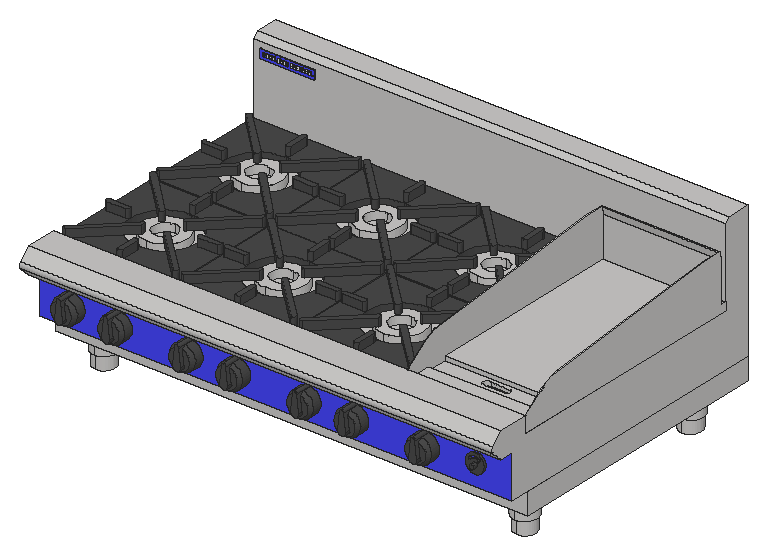
Revit family "QF_MOFFAT_BLUESEAL_CE_G518C-B", category Specialty Equipment, Revit 2012
Parameters
  Width = 1200 mm  # constant formula
  Weight in Pounds = 347  # constant formula
  URL Cutsheet = "www.moffat.com"
  URL = "www.moffat.com"
  Type Mark [instance] = ""
  Status [instance] = ""
  Specification by User [instance] = ""
  Specification by Manufacturer = ""
  Show Logo [instance] = yes
  Serial Number = ""
  Seismic Rating = ""
  SMACNA No = ""
  Revision Code [instance] = ""
  Omniclass Number and Title = ""
  NAFEM Spec ID Number = ""
  Model = "G518C-B"
  Mechanical Remarks [instance] = ""
  Mechanical Connection Type [instance] = ""
  Masterspec = ""
  Manufacturer = "MOFFAT BLUESEAL"
  Item Number [instance] = ""
  Installed By [instance] = ""
  Identify Quantity as Lot [instance] = yes
  Height = 485 mm  # constant formula
  Gas Size = 3/4"
  Gas RI Height [instance] = 0 mm
  Gas KW [instance] = 52.2
  Gas Input [instance] = 178189.0 Btu/h
  Gas Connection Height = 0 mm
  Furnished By [instance] = ""
  Foodservice Equipment Identifier [instance] = yes
  Description = "1200MM GAS COOK TOP BENCH MOUNT"
  Depth = 812 mm  # constant formula
  CSI MasterFormat = ""
  CSI Master Format = ""
Reference planes
  plane 1 "BACK": y = 0
  plane 2: z = 0
  plane 3 "LEFT": x = 0
  plane 4 "RIGHT": x = 1200
  plane 5 "FRONT": y = -812
  plane 6 "TOP": z = 370
  plane 7 "Center Y": x = 600
  plane 8 "Center X": y = -406
  plane 9: z = 485
  plane 10: z = 315
Forms (mm)
  Revolve 1, solid, material "QF_Finishes_Stainless Steel"
    sketch origin (65.5, -728, 0) x (0, 1, 0) y (0, 0, 1)
      loop
        line (71.25, 85) -> (71.25, 35) -> (75.5, 35) -> (75.5, 0) -> (103, 0) -> (103, 85) -> (71.25, 85)
      axis (103, 85) -> (103, 0)
    angle from 0 to 360
  Revolve 2, solid, material "QF_Finishes_Stainless Steel"
    sketch origin (65.5, -210, 0) x (0, 1, 0) y (0, 0, 1)
      loop
        line (78.25, 85) -> (78.25, 35) -> (82.5, 35) -> (82.5, 0) -> (110, 0) -> (110, 85) -> (78.25, 85)
      axis (110, 85) -> (110, 0)
    angle from 0 to 360
  Extrusion 3, solid, material "QF_Finishes_Stainless Steel"
    sketch origin (405, 3, -500) x (1, 0, 0) y (0, 1, 0)
      loop
        circle (665, -35) r 13.5
    from 555 to 585
  Revolve 4, solid, material "QF_Finishes_Black"
    sketch origin (89.999, 7, -0.127) x (0, 1, 0) y (0, 0, -1)
      loop
        line (-789, -229.5) -> (-766, -229.5) -> (-766, -202) -> (-756, -202) -> (-756, -197) -> (-800, -197) -> (-800, -223.651) -> (-789, -229.5)
      axis (-800, -197) -> (-756, -197)
    angle from 0 to 360
  Extrusion 5, solid, material "QF_Finishes_Black"
    sketch origin (228.269, 7, 0.031) x (-1, 0, 0) y (0, 0, -1)
      loop
        line (127.85, -186.163) -> (133.27, -229.082)
        arc (133.27, -229.082) -> (138.269, -233.969) -> (143.267, -229.082) r 5
        line (143.267, -229.082) -> (148.756, -184.996)
        arc (148.756, -184.996) -> (137.684, -174.498) -> (127.85, -186.163) r 10.487
    from 759 to 808
  Extrusion 6, solid, material "QF_Finishes_Stainless Steel"
    sketch origin (0, 0, 0) x (0, 1, 0) y (0, 0, 1)
      loop
        line (-784.97, 250) -> (-749, 250) -> (-749, 140) -> (0, 140) -> (0, 485) -> (-57.5, 485) -> (-70, 472.5) -> (-70, 275) -> (-705, 275) -> (-705, 315) -> (-783.97, 315) -> (-808.498, 290.472)
        arc (-808.498, 290.472) -> (-812.007, 282) -> (-808.498, 273.528) r 11.982
        line (-808.498, 273.528) -> (-784.97, 250)
      loop
        line (0, 85) -> (0, 139.206) -> (-699, 139.206) -> (-699, 85) -> (0, 85)
    from 0 to 1200
  Revolve 7, solid, material "QF_Finishes_Black"
    sketch origin (210, 7, 0) x (0, 1, 0) y (0, 0, -1)
      loop
        line (-789, -229.5) -> (-766, -229.5) -> (-766, -202) -> (-756, -202) -> (-756, -197) -> (-800, -197) -> (-800, -223.651) -> (-789, -229.5)
      axis (-800, -197) -> (-756, -197)
    angle from 0 to 360
  Extrusion 8, solid, material "QF_Finishes_Black"
    sketch origin (348.27, 7, 0.158) x (-1, 0, 0) y (0, 0, -1)
      loop
        line (127.85, -186.163) -> (133.27, -229.082)
        arc (133.27, -229.082) -> (138.269, -233.969) -> (143.267, -229.082) r 5
        line (143.267, -229.082) -> (148.756, -184.996)
        arc (148.756, -184.996) -> (137.684, -174.498) -> (127.85, -186.163) r 10.487
    from 759 to 808
  Revolve 9, solid, material "QF_Finishes_Stainless Steel"
    sketch origin (1134.5, -728, 0) x (0, 1, 0) y (0, 0, -1)
      loop
        line (71.25, -85) -> (103, -85) -> (103, 0) -> (75.5, 0) -> (75.5, -35) -> (71.25, -35) -> (71.25, -85)
      axis (103, -85) -> (103, 0)
    angle from 0 to 360
  Revolve 10, solid, material "QF_Finishes_Stainless Steel"
    sketch origin (1134.5, -210, 0) x (0, 1, 0) y (0, 0, -1)
      loop
        line (78.25, -85) -> (110, -85) -> (110, 0) -> (82.5, 0) -> (82.5, -35) -> (78.25, -35) -> (78.25, -85)
      axis (110, -85) -> (110, 0)
    angle from 0 to 360
  Revolve 11, solid, material "QF_Finishes_Black"
    sketch origin (389.999, 7, -0.127) x (0, 1, 0) y (0, 0, -1)
      loop
        line (-789, -229.5) -> (-766, -229.5) -> (-766, -202) -> (-756, -202) -> (-756, -197) -> (-800, -197) -> (-800, -223.651) -> (-789, -229.5)
      axis (-800, -197) -> (-756, -197)
    angle from 0 to 360
  Extrusion 12, solid, material "QF_Finishes_Black"
    sketch origin (528.269, 7, 0.031) x (-1, 0, 0) y (0, 0, -1)
      loop
        line (127.85, -186.163) -> (133.27, -229.082)
        arc (133.27, -229.082) -> (138.269, -233.969) -> (143.267, -229.082) r 5
        line (143.267, -229.082) -> (148.756, -184.996)
        arc (148.756, -184.996) -> (137.684, -174.498) -> (127.85, -186.163) r 10.487
    from 759 to 808
  Revolve 13, solid, material "QF_Finishes_Black"
    sketch origin (689.999, 7, -0.127) x (0, 1, 0) y (0, 0, -1)
      loop
        line (-789, -229.5) -> (-766, -229.5) -> (-766, -202) -> (-756, -202) -> (-756, -197) -> (-800, -197) -> (-800, -223.651) -> (-789, -229.5)
      axis (-800, -197) -> (-756, -197)
    angle from 0 to 360
  Extrusion 14, solid, material "QF_Finishes_Black"
    sketch origin (828.269, 7, 0.031) x (-1, 0, 0) y (0, 0, -1)
      loop
        line (127.85, -186.163) -> (133.27, -229.082)
        arc (133.27, -229.082) -> (138.269, -233.969) -> (143.267, -229.082) r 5
        line (143.267, -229.082) -> (148.756, -184.996)
        arc (148.756, -184.996) -> (137.684, -174.498) -> (127.85, -186.163) r 10.487
    from 759 to 808
  Revolve 15, solid, material "QF_Finishes_Black"
    sketch origin (989.999, 7, -0.127) x (0, 1, 0) y (0, 0, -1)
      loop
        line (-789, -229.5) -> (-766, -229.5) -> (-766, -202) -> (-756, -202) -> (-756, -197) -> (-800, -197) -> (-800, -223.651) -> (-789, -229.5)
      axis (-800, -197) -> (-756, -197)
    angle from 0 to 360
  Extrusion 16, solid, material "QF_Finishes_Black"
    sketch origin (1128.269, 7, 0.031) x (-1, 0, 0) y (0, 0, -1)
      loop
        line (127.85, -186.163) -> (133.27, -229.082)
        arc (133.27, -229.082) -> (138.269, -233.969) -> (143.267, -229.082) r 5
        line (143.267, -229.082) -> (148.756, -184.996)
        arc (148.756, -184.996) -> (137.684, -174.498) -> (127.85, -186.163) r 10.487
    from 759 to 808
  Extrusion 17, solid, material "QF_Finishes_Black"
    sketch origin (0, -749, 266) x (0, 0, -1) y (1, 0, 0)
      loop
        circle (69, 1110) r 23.9
      loop
        arc (61.641, 1118.419) -> (62.501, 1123.219) -> (57.701, 1124.079) r 3.448
        arc (57.701, 1124.079) -> (51.116, 1109.341) -> (58.919, 1095.209) r 18.095
        arc (58.919, 1095.209) -> (63.641, 1096.491) -> (62.326, 1101.204) r 3.448
        arc (62.326, 1101.204) -> (58.758, 1109.683) -> (61.641, 1118.419) r 13.109
    from 0 to 5
  Extrusion 18, solid, material "QF_Finishes_Black"
    sketch origin (0, -754, 266) x (0, 0, -1) y (1, 0, 0)
      loop
        circle (72.5, 1110) r 5.75
    from 0 to 10
  Revolve 19, solid, material "QF_Finishes_Black"
    sketch origin (510, 7, 0) x (0, 1, 0) y (0, 0, -1)
      loop
        line (-789, -229.5) -> (-766, -229.5) -> (-766, -202) -> (-756, -202) -> (-756, -197) -> (-800, -197) -> (-800, -223.651) -> (-789, -229.5)
      axis (-800, -197) -> (-756, -197)
    angle from 0 to 360
  Extrusion 20, solid, material "QF_Finishes_Black"
    sketch origin (648.27, 7, 0.158) x (-1, 0, 0) y (0, 0, -1)
      loop
        line (127.85, -186.163) -> (133.27, -229.082)
        arc (133.27, -229.082) -> (138.269, -233.969) -> (143.267, -229.082) r 5
        line (143.267, -229.082) -> (148.756, -184.996)
        arc (148.756, -184.996) -> (137.684, -174.498) -> (127.85, -186.163) r 10.487
    from 759 to 808
  Revolve 21, solid, material "QF_Finishes_Black"
    sketch origin (810, 7, 0) x (0, 1, 0) y (0, 0, -1)
      loop
        line (-789, -229.5) -> (-766, -229.5) -> (-766, -202) -> (-756, -202) -> (-756, -197) -> (-800, -197) -> (-800, -223.651) -> (-789, -229.5)
      axis (-800, -197) -> (-756, -197)
    angle from 0 to 360
  Extrusion 22, solid, material "QF_Finishes_Black"
    sketch origin (948.27, 7, 0.158) x (-1, 0, 0) y (0, 0, -1)
      loop
        line (127.85, -186.163) -> (133.27, -229.082)
        arc (133.27, -229.082) -> (138.269, -233.969) -> (143.267, -229.082) r 5
        line (143.267, -229.082) -> (148.756, -184.996)
        arc (148.756, -184.996) -> (137.684, -174.498) -> (127.85, -186.163) r 10.487
    from 759 to 808
Lines and regions (mm)
  Split face 1
    outline origin (0, 0, 485) x (0, -1, 0) y (1, 0, 0)
      loop
        arc (18.185, 32.794) -> (23.185, 24.134) -> (33.185, 24.134) r 10
        line (33.185, 24.134) -> (40.185, 28.176)
        arc (40.185, 28.176) -> (43.845, 31.836) -> (45.185, 36.836) r 10
        line (45.185, 36.836) -> (45.185, 264.794)
        arc (45.185, 264.794) -> (40.185, 273.455) -> (30.185, 273.455) r 10
        line (30.185, 273.455) -> (23.185, 269.413)
        arc (23.185, 269.413) -> (19.525, 265.753) -> (18.185, 260.753) r 10
        line (18.185, 260.753) -> (18.185, 32.794)
  Split face 2
    outline origin (0, 0, 485) x (0, -1, 0) y (1, 0, 0)
      loop
        arc (18.185, 332.794) -> (23.185, 324.134) -> (33.185, 324.134) r 10
        line (33.185, 324.134) -> (40.185, 328.176)
        arc (40.185, 328.176) -> (43.845, 331.836) -> (45.185, 336.836) r 10
        line (45.185, 336.836) -> (45.185, 564.794)
        arc (45.185, 564.794) -> (40.185, 573.455) -> (30.185, 573.455) r 10
        line (30.185, 573.455) -> (23.185, 569.413)
        arc (23.185, 569.413) -> (19.525, 565.753) -> (18.185, 560.753) r 10
        line (18.185, 560.753) -> (18.185, 332.794)
  Split face 3
    outline origin (0, 0, 485) x (0, -1, 0) y (1, 0, 0)
      loop
        arc (45.185, 1164.794) -> (40.185, 1173.455) -> (30.185, 1173.455) r 10
        line (30.185, 1173.455) -> (23.185, 1169.413)
        arc (23.185, 1169.413) -> (19.525, 1165.753) -> (18.185, 1160.753) r 10
        line (18.185, 1160.753) -> (18.185, 932.794)
        arc (18.185, 932.794) -> (23.185, 924.134) -> (33.185, 924.134) r 10
        line (33.185, 924.134) -> (40.185, 928.176)
        arc (40.185, 928.176) -> (43.845, 931.836) -> (45.185, 936.836) r 10
        line (45.185, 936.836) -> (45.185, 1164.794)
  Split face 4
    outline origin (0, 0, 485) x (0, -1, 0) y (1, 0, 0)
      loop
        line (45.185, 636.836) -> (45.185, 864.794)
        arc (45.185, 864.794) -> (40.185, 873.455) -> (30.185, 873.455) r 10
        line (30.185, 873.455) -> (23.185, 869.413)
        arc (23.185, 869.413) -> (19.525, 865.753) -> (18.185, 860.753) r 10
        line (18.185, 860.753) -> (18.185, 632.794)
        arc (18.185, 632.794) -> (23.185, 624.134) -> (33.185, 624.134) r 10
        line (33.185, 624.134) -> (40.185, 628.176)
        arc (40.185, 628.176) -> (43.845, 631.836) -> (45.185, 636.836) r 10
  symbolic lines
    curve 1: line (0, 0, 0) -> (0, -812, 0)
    curve 2: line (1200, 0, 0) -> (0, 0, 0)
    curve 3: line (1200, -812, 0) -> (1200, 0, 0)
    curve 4: line (0, -70, 0) -> (1200, -70, 0)
    curve 5: line (0, -812, 0) -> (1200, -812, 0)
    curve 6: line (1200, -705, 0) -> (0, -705, 0)
    curve 7: line (0, -783.97, 0) -> (1200, -783.97, 0)
    curve 8: line (36.836, -45.185, 0) -> (264.794, -45.185, 0)
    curve 9: arc (264.794, -45.185, 0) -> (273.455, -40.185, 0) -> (273.455, -30.185, 0) r 10
    curve 10: line (273.455, -30.185, 0) -> (269.413, -23.185, 0)
    curve 11: arc (269.413, -23.185, 0) -> (265.753, -19.525, 0) -> (260.753, -18.185, 0) r 10
    curve 12: line (260.753, -18.185, 0) -> (32.794, -18.185, 0)
    curve 13: arc (32.794, -18.185, 0) -> (24.134, -23.185, 0) -> (24.134, -33.185, 0) r 10
    curve 14: line (24.134, -33.185, 0) -> (28.176, -40.185, 0)
    curve 15: arc (28.176, -40.185, 0) -> (31.836, -43.845, 0) -> (36.836, -45.185, 0) r 10
    curve 16: line (336.836, -45.185, 0) -> (564.794, -45.185, 0)
    curve 17: arc (564.794, -45.185, 0) -> (573.455, -40.185, 0) -> (573.455, -30.185, 0) r 10
    curve 18: line (573.455, -30.185, 0) -> (569.413, -23.185, 0)
    curve 19: arc (569.413, -23.185, 0) -> (565.753, -19.525, 0) -> (560.753, -18.185, 0) r 10
    curve 20: line (560.753, -18.185, 0) -> (332.794, -18.185, 0)
    curve 21: arc (332.794, -18.185, 0) -> (324.134, -23.185, 0) -> (324.134, -33.185, 0) r 10
    curve 22: line (324.134, -33.185, 0) -> (328.176, -40.185, 0)
    curve 23: arc (328.176, -40.185, 0) -> (331.836, -43.845, 0) -> (336.836, -45.185, 0) r 10
    curve 24: line (0, -57.5, 0) -> (1200, -57.5, 0)
    curve 25: line (860.753, -18.185, 0) -> (632.794, -18.185, 0)
    curve 26: arc (632.794, -18.185, 0) -> (624.134, -23.185, 0) -> (624.134, -33.185, 0) r 10
    curve 27: line (624.134, -33.185, 0) -> (628.176, -40.185, 0)
    curve 28: arc (628.176, -40.185, 0) -> (631.836, -43.845, 0) -> (636.836, -45.185, 0) r 10
    curve 29: line (636.836, -45.185, 0) -> (864.794, -45.185, 0)
    curve 30: arc (864.794, -45.185, 0) -> (873.455, -40.185, 0) -> (873.455, -30.185, 0) r 10
    curve 31: line (873.455, -30.185, 0) -> (869.413, -23.185, 0)
    curve 32: arc (869.413, -23.185, 0) -> (865.753, -19.525, 0) -> (860.753, -18.185, 0) r 10
    curve 33: line (932.794, -18.185, 0) -> (1160.753, -18.185, 0)
    curve 34: arc (1160.753, -18.185, 0) -> (1165.753, -19.525, 0) -> (1169.413, -23.185, 0) r 10
    curve 35: line (1169.413, -23.185, 0) -> (1173.455, -30.185, 0)
    curve 36: arc (1173.455, -30.185, 0) -> (1173.455, -40.185, 0) -> (1164.794, -45.185, 0) r 10
    curve 37: line (1164.794, -45.185, 0) -> (936.836, -45.185, 0)
    curve 38: arc (936.836, -45.185, 0) -> (931.836, -43.845, 0) -> (928.176, -40.185, 0) r 10
    curve 39: line (928.176, -40.185, 0) -> (924.134, -33.185, 0)
    curve 40: arc (924.134, -33.185, 0) -> (924.134, -23.185, 0) -> (932.794, -18.185, 0) r 10
Dimensions and locks
  equal spacing: plane 3 "LEFT", plane 7 "Center Y", plane 4 "RIGHT"
  "Width": plane 3 "LEFT" to plane 4 "RIGHT"
  equal spacing: plane 5 "FRONT", plane 8 "Center X", plane 1 "BACK"
  "Depth": plane 5 "FRONT" to plane 1 "BACK"
  equal spacing: plane 4 "RIGHT", plane 7 "Center Y", plane 3 "LEFT"
  plane 4 "RIGHT" to plane 3 "LEFT" = 1200 mm
  Extrusion 3 to level = 55 mm
  Extrusion 3 to plane 1 "BACK" = 32 mm
  plane 5 "FRONT" to plane 1 "BACK" = 812 mm
  "Height": plane 9 to level
  plane 10 to level = 315 mm
  Extrusion 3 sketch curve to plane 4 "RIGHT" = 130 mm
  Extrusion 3 sketch curve to plane 1 "BACK" = 32 mm
  aligned and locked: level to plane 2
  aligned and locked: curve 3 to plane 4 "RIGHT"
  aligned and locked: Extrusion 6 to plane 4 "RIGHT"
Automatic sketch dimensions
  plane 1 "BACK" to curve 1 = 0 mm
  curve 1 to plane 3 "LEFT" = 0 mm
  plane 5 "FRONT" to curve 1 = 0 mm
  plane 3 "LEFT" to curve 14 = 24.134 mm
  curve 14 to curve 15 = 4.041 mm
  curve 13 to curve 13 = 8.66 mm
  curve 13 to curve 15 = 4.041 mm
  plane 1 "BACK" to curve 11 = 18.185 mm
  curve 15 to curve 11 = 223.917 mm
  curve 11 to curve 9 = 4.041 mm
  plane 1 "BACK" to curve 10 = 23.185 mm
  curve 11 to curve 10 = 8.66 mm
  curve 10 to curve 9 = 4.041 mm
  plane 1 "BACK" to curve 22 = 33.185 mm
  curve 9 to curve 22 = 50.679 mm
  plane 1 "BACK" to curve 22 = 40.185 mm
  curve 22 to curve 22 = 4.041 mm
  curve 21 to curve 21 = 8.66 mm
  curve 23 to curve 16 = 8.66 mm
  plane 1 "BACK" to curve 20 = 18.185 mm
  curve 20 to plane 7 "Center Y" = 39.247 mm
  curve 19 to curve 17 = 4.041 mm
  curve 20 to curve 19 = 8.66 mm
  curve 18 to curve 17 = 4.041 mm
  plane 7 "Center Y" to curve 26 = 24.134 mm
  curve 26 to curve 27 = 4.041 mm
  curve 26 to curve 26 = 8.66 mm
  curve 28 to curve 29 = 8.66 mm
  plane 1 "BACK" to curve 32 = 18.185 mm
  curve 28 to curve 32 = 223.917 mm
  curve 32 to curve 30 = 4.041 mm
  plane 1 "BACK" to curve 31 = 23.185 mm
  curve 32 to curve 31 = 8.66 mm
  plane 1 "BACK" to curve 31 = 30.185 mm
  curve 31 to curve 31 = 4.041 mm
  plane 1 "BACK" to curve 39 = 33.185 mm
  curve 31 to curve 39 = 50.679 mm
  curve 39 to curve 38 = 4.041 mm
  curve 39 to curve 33 = 8.66 mm
  curve 40 to curve 38 = 4.041 mm
  plane 1 "BACK" to curve 34 = 18.185 mm
  plane 4 "RIGHT" to curve 34 = 39.247 mm
  curve 34 to curve 37 = 4.041 mm
  plane 1 "BACK" to curve 35 = 23.185 mm
  curve 34 to curve 35 = 8.66 mm
  curve 34 to curve 35 = 4.041 mm
  curve 7 to plane 5 "FRONT" = 28.03 mm
  curve 7 to curve 6 = 78.97 mm
  curve 4 to curve 13 = 51.815 mm
  curve 4 to curve 24 = 12.5 mm
  curve 17 to curve 20 = 27 mm
  curve 15 to curve 12 = 27 mm
  curve 38 to curve 39 = 12 mm
  curve 29 to curve 30 = 15 mm
  curve 29 to curve 28 = 5 mm
  curve 8 to curve 14 = 5 mm
  curve 38 to curve 39 = 7 mm
  curve 17 to curve 17 = 10 mm
  curve 9 to curve 11 = 7 mm
  curve 36 to curve 34 = 7 mm
  curve 27 to curve 27 = 7 mm
  curve 15 to curve 13 = 7 mm
  curve 17 to curve 19 = 7 mm
  Revolve 1 sketch curve to level = 0 mm
  level to Revolve 1 sketch curve = 35 mm
  Revolve 1 sketch curve to plane 5 "FRONT" = 155.25 mm
  Revolve 1 sketch curve to Revolve 1 sketch curve = 4.25 mm
  Revolve 1 sketch curve to Revolve 1 sketch curve = 27.5 mm  (x2)
  Revolve 1 sketch curve to Revolve 1 sketch curve = 55 mm
  Revolve 1 sketch curve to Revolve 1 sketch curve = 15 mm
  Revolve 1 sketch curve to Revolve 1 sketch curve = 35 mm
  Revolve 2 sketch curve to level = 0 mm
  level to Revolve 2 sketch curve = 35 mm
  plane 1 "BACK" to Revolve 2 sketch curve = 131.75 mm
  Revolve 2 sketch curve to Revolve 2 sketch curve = 4.25 mm
  Revolve 2 sketch curve to Revolve 2 sketch curve = 27.5 mm  (x2)
  Revolve 2 sketch curve to Revolve 2 sketch curve = 55 mm
  Revolve 2 sketch curve to Revolve 2 sketch curve = 15 mm
  Revolve 2 sketch curve to Revolve 2 sketch curve = 35 mm
  Revolve 4 sketch curve to plane 5 "FRONT" = 19 mm
  Revolve 4 sketch curve to Revolve 4 sketch curve = 0 mm  (x2)
  Revolve 4 sketch curve to Revolve 4 sketch curve = 11 mm
  Revolve 4 sketch curve to Revolve 4 sketch curve = 12.7 mm
  Revolve 4 sketch curve to Revolve 4 sketch curve = 23 mm
  Revolve 4 sketch curve to Revolve 4 sketch curve = 10 mm
  Revolve 4 sketch curve to plane 10 = 85.627 mm
  Revolve 4 sketch curve to Revolve 4 sketch curve = 5.849 mm
  Revolve 4 sketch curve to Revolve 4 sketch curve = 27.5 mm
  Revolve 4 sketch curve to Revolve 4 sketch curve = 5 mm
  plane 3 "LEFT" to Extrusion 5 sketch curve = 100.419 mm
  Extrusion 5 sketch curve to Extrusion 5 sketch curve = 5.421 mm
  Extrusion 5 sketch curve to Extrusion 5 sketch curve = 10.419 mm
  Extrusion 5 sketch curve to Extrusion 5 sketch curve = 4.999 mm  (x2)
  Extrusion 5 sketch curve to Extrusion 5 sketch curve = 10.487 mm
  Extrusion 5 sketch curve to plane 10 = 85.887 mm
  Extrusion 5 sketch curve to Extrusion 5 sketch curve = 0.113 mm
  Extrusion 5 sketch curve to Extrusion 5 sketch curve = 42.919 mm
  Extrusion 5 sketch curve to Extrusion 5 sketch curve = 1.167 mm
  Extrusion 6 sketch curve to plane 10 = 0 mm
  plane 9 to Extrusion 6 sketch curve = 0 mm
  Extrusion 6 sketch curve to plane 1 "BACK" = 0 mm  (x2)
  plane 1 "BACK" to Extrusion 6 sketch curve = 57.5 mm
  plane 9 to Extrusion 6 sketch curve = 12.5 mm
  Extrusion 6 sketch curve to Extrusion 6 sketch curve = 12.5 mm
  Extrusion 6 sketch curve to plane 5 "FRONT" = 113 mm
  Extrusion 6 sketch curve to plane 5 "FRONT" = 107 mm
  Extrusion 6 sketch curve to Extrusion 6 sketch curve = 50 mm
  Extrusion 6 sketch curve to plane 5 "FRONT" = 28.03 mm
  Extrusion 6 sketch curve to plane 5 "FRONT" = 27.03 mm
  Extrusion 6 sketch curve to plane 5 "FRONT" = 11.975 mm
  Extrusion 6 sketch curve to plane 5 "FRONT" = 3.502 mm  (x2)
  Extrusion 6 sketch curve to plane 10 = 24.528 mm
  Extrusion 6 sketch curve to Extrusion 6 sketch curve = 8.472 mm
  Extrusion 6 sketch curve to Extrusion 6 sketch curve = 40 mm
  Extrusion 6 sketch curve to Extrusion 6 sketch curve = 23.528 mm
  Extrusion 6 sketch curve to Extrusion 6 sketch curve = 110 mm
  Extrusion 6 sketch curve to Extrusion 6 sketch curve = 0.794 mm
  Extrusion 6 sketch curve to Extrusion 6 sketch curve = 54.206 mm
  Split face 1 sketch curve to Extrusion 6 = 18.185 mm
  Split face 1 sketch curve to Split face 1 sketch curve = 5 mm  (x3)
  Split face 1 sketch curve to Split face 1 sketch curve = 10 mm  (x2)
  Split face 1 sketch curve to Split face 1 sketch curve = 7 mm  (x4)
  Split face 1 sketch curve to Extrusion 6 = 24.134 mm
  Split face 1 sketch curve to Split face 1 sketch curve = 4.041 mm  (x2)
  Split face 1 sketch curve to Split face 1 sketch curve = 223.917 mm
  Split face 2 sketch curve to Extrusion 6 = 18.185 mm
  Split face 2 sketch curve to Split face 2 sketch curve = 5 mm  (x4)
  Split face 2 sketch curve to Split face 2 sketch curve = 10 mm
  Split face 2 sketch curve to Split face 2 sketch curve = 7 mm  (x4)
  Split face 2 sketch curve to Extrusion 6 = 324.134 mm
  Split face 2 sketch curve to Split face 2 sketch curve = 4.041 mm  (x2)
  Split face 2 sketch curve to Split face 2 sketch curve = 223.917 mm
  Split face 3 sketch curve to Extrusion 6 = 18.185 mm
  Split face 3 sketch curve to Split face 3 sketch curve = 5 mm  (x3)
  Split face 3 sketch curve to Split face 3 sketch curve = 10 mm  (x2)
  Split face 3 sketch curve to Split face 3 sketch curve = 7 mm  (x4)
  Split face 3 sketch curve to Extrusion 6 = 275.866 mm
  Split face 3 sketch curve to Split face 3 sketch curve = 4.041 mm  (x2)
  Split face 3 sketch curve to Extrusion 6 = 39.247 mm
  Revolve 7 sketch curve to plane 5 "FRONT" = 19 mm
  Revolve 7 sketch curve to Revolve 7 sketch curve = 0 mm  (x2)
  Revolve 7 sketch curve to Revolve 7 sketch curve = 11 mm
  Revolve 7 sketch curve to Revolve 7 sketch curve = 12.7 mm
  Revolve 7 sketch curve to Revolve 7 sketch curve = 23 mm
  Revolve 7 sketch curve to Revolve 7 sketch curve = 10 mm
  Revolve 7 sketch curve to plane 10 = 85.5 mm
  Revolve 7 sketch curve to Revolve 7 sketch curve = 5.849 mm
  Revolve 7 sketch curve to Revolve 7 sketch curve = 27.5 mm
  Revolve 7 sketch curve to Revolve 7 sketch curve = 5 mm
  plane 3 "LEFT" to Extrusion 8 sketch curve = 220.42 mm
  Extrusion 8 sketch curve to Extrusion 8 sketch curve = 5.421 mm
  Extrusion 8 sketch curve to Extrusion 8 sketch curve = 10.419 mm
  Extrusion 8 sketch curve to Extrusion 8 sketch curve = 4.999 mm  (x2)
  Extrusion 8 sketch curve to plane 10 = 85.76 mm
  Extrusion 8 sketch curve to Extrusion 8 sketch curve = 10.487 mm
  Extrusion 8 sketch curve to Extrusion 8 sketch curve = 0.113 mm
  Extrusion 8 sketch curve to Extrusion 8 sketch curve = 42.919 mm
  Extrusion 8 sketch curve to Extrusion 8 sketch curve = 1.167 mm
  Revolve 9 sketch curve to level = 0 mm
  level to Revolve 9 sketch curve = 35 mm
  Revolve 9 sketch curve to plane 5 "FRONT" = 155.25 mm
  Revolve 9 sketch curve to Revolve 9 sketch curve = 4.25 mm
  Revolve 9 sketch curve to Revolve 9 sketch curve = 27.5 mm  (x2)
  Revolve 9 sketch curve to Revolve 9 sketch curve = 15 mm
  Revolve 9 sketch curve to Revolve 9 sketch curve = 35 mm
  Revolve 9 sketch curve to level = 55 mm
  Revolve 10 sketch curve to level = 0 mm
  level to Revolve 10 sketch curve = 35 mm
  plane 1 "BACK" to Revolve 10 sketch curve = 131.75 mm
  Revolve 10 sketch curve to Revolve 10 sketch curve = 4.25 mm
  Revolve 10 sketch curve to Revolve 10 sketch curve = 27.5 mm  (x2)
  Revolve 10 sketch curve to Revolve 10 sketch curve = 15 mm
  Revolve 10 sketch curve to Revolve 10 sketch curve = 35 mm
  Revolve 10 sketch curve to level = 55 mm
  Revolve 11 sketch curve to plane 5 "FRONT" = 19 mm
  Revolve 11 sketch curve to Revolve 11 sketch curve = 0 mm  (x2)
  Revolve 11 sketch curve to Revolve 11 sketch curve = 11 mm
  Revolve 11 sketch curve to Revolve 11 sketch curve = 12.7 mm
  Revolve 11 sketch curve to Revolve 11 sketch curve = 23 mm
  Revolve 11 sketch curve to Revolve 11 sketch curve = 10 mm
  Revolve 11 sketch curve to plane 10 = 85.627 mm
  Revolve 11 sketch curve to Revolve 11 sketch curve = 5.849 mm
  Revolve 11 sketch curve to Revolve 11 sketch curve = 27.5 mm
  Revolve 11 sketch curve to Revolve 11 sketch curve = 5 mm
  Extrusion 12 sketch curve to plane 7 "Center Y" = 199.581 mm
  Extrusion 12 sketch curve to Extrusion 12 sketch curve = 5.421 mm
  Extrusion 12 sketch curve to Extrusion 12 sketch curve = 10.419 mm
  Extrusion 12 sketch curve to Extrusion 12 sketch curve = 4.999 mm  (x2)
  Extrusion 12 sketch curve to plane 10 = 85.887 mm
  Extrusion 12 sketch curve to Extrusion 12 sketch curve = 10.487 mm
  Extrusion 12 sketch curve to Extrusion 12 sketch curve = 0.113 mm
  Extrusion 12 sketch curve to Extrusion 12 sketch curve = 42.919 mm
  Extrusion 12 sketch curve to Extrusion 12 sketch curve = 1.167 mm
  Revolve 13 sketch curve to plane 5 "FRONT" = 19 mm
  Revolve 13 sketch curve to Revolve 13 sketch curve = 0 mm  (x2)
  Revolve 13 sketch curve to Revolve 13 sketch curve = 11 mm
  Revolve 13 sketch curve to Revolve 13 sketch curve = 12.7 mm
  Revolve 13 sketch curve to Revolve 13 sketch curve = 23 mm
  Revolve 13 sketch curve to Revolve 13 sketch curve = 10 mm
  Revolve 13 sketch curve to plane 10 = 85.627 mm
  Revolve 13 sketch curve to Revolve 13 sketch curve = 5.849 mm
  Revolve 13 sketch curve to Revolve 13 sketch curve = 27.5 mm
  Revolve 13 sketch curve to Revolve 13 sketch curve = 5 mm
  plane 7 "Center Y" to Extrusion 14 sketch curve = 100.419 mm
  Extrusion 14 sketch curve to Extrusion 14 sketch curve = 5.421 mm
  Extrusion 14 sketch curve to Extrusion 14 sketch curve = 10.419 mm
  Extrusion 14 sketch curve to Extrusion 14 sketch curve = 4.999 mm  (x2)
  Extrusion 14 sketch curve to Extrusion 14 sketch curve = 10.487 mm
  Extrusion 14 sketch curve to plane 10 = 85.887 mm
  Extrusion 14 sketch curve to Extrusion 14 sketch curve = 0.113 mm
  Extrusion 14 sketch curve to Extrusion 14 sketch curve = 42.919 mm
  Extrusion 14 sketch curve to Extrusion 14 sketch curve = 1.167 mm
  Revolve 15 sketch curve to plane 5 "FRONT" = 19 mm
  Revolve 15 sketch curve to Revolve 15 sketch curve = 0 mm  (x2)
  Revolve 15 sketch curve to Revolve 15 sketch curve = 11 mm
  Revolve 15 sketch curve to Revolve 15 sketch curve = 12.7 mm
  Revolve 15 sketch curve to Revolve 15 sketch curve = 23 mm
  Revolve 15 sketch curve to Revolve 15 sketch curve = 10 mm
  Revolve 15 sketch curve to plane 10 = 85.627 mm
  Revolve 15 sketch curve to Revolve 15 sketch curve = 5.849 mm
  Revolve 15 sketch curve to Revolve 15 sketch curve = 27.5 mm
  Revolve 15 sketch curve to Revolve 15 sketch curve = 5 mm
  plane 4 "RIGHT" to Extrusion 16 sketch curve = 199.581 mm
  Extrusion 16 sketch curve to Extrusion 16 sketch curve = 5.421 mm
  Extrusion 16 sketch curve to Extrusion 16 sketch curve = 10.419 mm
  Extrusion 16 sketch curve to Extrusion 16 sketch curve = 4.999 mm  (x2)
  Extrusion 16 sketch curve to plane 10 = 85.887 mm
  Extrusion 16 sketch curve to Extrusion 16 sketch curve = 10.487 mm
  Extrusion 16 sketch curve to Extrusion 16 sketch curve = 0.113 mm
  Extrusion 16 sketch curve to Extrusion 16 sketch curve = 42.919 mm
  Extrusion 16 sketch curve to Extrusion 16 sketch curve = 1.167 mm
  Split face 4 sketch curve to Extrusion 6 = 18.185 mm
  Split face 4 sketch curve to Split face 4 sketch curve = 5 mm  (x3)
  Split face 4 sketch curve to Split face 4 sketch curve = 10 mm  (x2)
  Split face 4 sketch curve to Split face 4 sketch curve = 7 mm  (x4)
  Split face 4 sketch curve to Extrusion 6 = 575.866 mm
  Split face 4 sketch curve to Split face 4 sketch curve = 4.041 mm  (x2)
  Split face 4 sketch curve to Split face 4 sketch curve = 223.917 mm
  Extrusion 6 to Extrusion 17 sketch curve = 41.701 mm
  Extrusion 17 sketch curve to Extrusion 17 sketch curve = 1.218 mm
  Extrusion 17 sketch curve to Extrusion 17 sketch curve = 1.97 mm  (x2)
  Extrusion 17 sketch curve to Extrusion 17 sketch curve = 1.724 mm
  Extrusion 17 sketch curve to Extrusion 17 sketch curve = 1.683 mm
  Extrusion 17 sketch curve to Extrusion 17 sketch curve = 6.674 mm
  Extrusion 17 sketch curve to Extrusion 17 sketch curve = 0.195 mm
  Extrusion 17 sketch curve to Extrusion 17 sketch curve = 2.662 mm
  Extrusion 6 to Extrusion 17 sketch curve = 104.791 mm
  Extrusion 17 sketch curve to Extrusion 17 sketch curve = 2.986 mm
  Extrusion 17 sketch curve to Extrusion 17 sketch curve = 8.796 mm
  Extrusion 17 sketch curve to Extrusion 17 sketch curve = 0.103 mm
  Extrusion 17 sketch curve to Extrusion 17 sketch curve = 0.102 mm
  Revolve 19 sketch curve to plane 5 "FRONT" = 19 mm
  Revolve 19 sketch curve to Revolve 19 sketch curve = 0 mm  (x2)
  Revolve 19 sketch curve to Revolve 19 sketch curve = 11 mm
  Revolve 19 sketch curve to Revolve 19 sketch curve = 12.7 mm
  Revolve 19 sketch curve to Revolve 19 sketch curve = 23 mm
  Revolve 19 sketch curve to Revolve 19 sketch curve = 10 mm
  Revolve 19 sketch curve to plane 10 = 85.5 mm
  Revolve 19 sketch curve to Revolve 19 sketch curve = 5.849 mm
  Revolve 19 sketch curve to Revolve 19 sketch curve = 27.5 mm
  Revolve 19 sketch curve to Revolve 19 sketch curve = 5 mm
  Extrusion 20 sketch curve to plane 7 "Center Y" = 79.58 mm
  Extrusion 20 sketch curve to Extrusion 20 sketch curve = 5.421 mm
  Extrusion 20 sketch curve to Extrusion 20 sketch curve = 10.419 mm
  Extrusion 20 sketch curve to Extrusion 20 sketch curve = 4.999 mm  (x2)
  Extrusion 20 sketch curve to plane 10 = 85.76 mm
  Extrusion 20 sketch curve to Extrusion 20 sketch curve = 10.487 mm
  Extrusion 20 sketch curve to Extrusion 20 sketch curve = 0.113 mm
  Extrusion 20 sketch curve to Extrusion 20 sketch curve = 42.919 mm
  Extrusion 20 sketch curve to Extrusion 20 sketch curve = 1.167 mm
  Revolve 21 sketch curve to plane 5 "FRONT" = 19 mm
  Revolve 21 sketch curve to Revolve 21 sketch curve = 0 mm  (x2)
  Revolve 21 sketch curve to Revolve 21 sketch curve = 11 mm
  Revolve 21 sketch curve to Revolve 21 sketch curve = 12.7 mm
  Revolve 21 sketch curve to Revolve 21 sketch curve = 23 mm
  Revolve 21 sketch curve to Revolve 21 sketch curve = 10 mm
  Revolve 21 sketch curve to plane 10 = 85.5 mm
  Revolve 21 sketch curve to Revolve 21 sketch curve = 5.849 mm
  Revolve 21 sketch curve to Revolve 21 sketch curve = 27.5 mm
  Revolve 21 sketch curve to Revolve 21 sketch curve = 5 mm
  plane 7 "Center Y" to Extrusion 22 sketch curve = 220.42 mm
  Extrusion 22 sketch curve to Extrusion 22 sketch curve = 5.421 mm
  Extrusion 22 sketch curve to Extrusion 22 sketch curve = 10.419 mm
  Extrusion 22 sketch curve to Extrusion 22 sketch curve = 4.999 mm  (x2)
  Extrusion 22 sketch curve to plane 10 = 85.76 mm
  Extrusion 22 sketch curve to Extrusion 22 sketch curve = 10.487 mm
  Extrusion 22 sketch curve to Extrusion 22 sketch curve = 0.113 mm
  Extrusion 22 sketch curve to Extrusion 22 sketch curve = 42.919 mm
  Extrusion 22 sketch curve to Extrusion 22 sketch curve = 1.167 mm
  radius of Extrusion 3 sketch curve = 13.5 mm
  radius of Extrusion 17 sketch curve = 23.9 mm
  radius of Extrusion 18 sketch curve = 5.75 mm
Nested families
  nested 1: "WALDORF LOGO_FACE BASE" at (18.6, -70, 458.604) x (1, 0, 0) z (0, -1, 0), visible <- "Show Logo", type "WALDORF LOGO_FACE BASE", detail levels medium+fine
    with Show Logo yes
  nested 2: "GAS BURNER 900 & GRIDDLE 300" at (0, -70, 275), type "GAS BURNER 900 & GRIDDLE 300"
    with Width 1200 mm, Type Mark "", Status "", Specification by User "", Revision Code "", Item Number "", Installed By "", Identify Quantity as Lot yes, Furnished By "", Foodservice Equipment Identifier yes, Depth 635 mm
Connectors
  piping at (1070, -32, 55)
    settings: on Extrusion 3, index 1, connector radius 0.37402", flow factor 0, pipe flow 0 GPM, pressure drop 0.00 psi, fitting loss kfactor 0, connector angle 0.00°, fixture units 0, engagement length 0 mm, flow configuration 1, flow direction 1, fitting loss method 0, system type 7, joint type 0, gender type 0, connector reference index -1, connector utility 0, adjustable connector no, is connector primary yes, fitting loss table "", connector description "GAS CONNECTION"
Definition of nested family "WALDORF LOGO_FACE BASE"
  Parameters (values of type "WALDORF LOGO_FACE BASE")
    Show Logo [instance] = yes
    Default Elevation = 1219.2 mm
  Reference planes
    plane 1 "Center (Front/Back)": y = 0
    plane 2: z = 0
    plane 3 "Center (Left/Right)": x = 0
  Forms (mm)
    Extrusion 1, solid
      sketch origin (0, 0, 0) x (1, 0, 0) y (0, 1, 0)
        loop
          line (-1219.2, 1219.2) -> (-1219.2, -1219.2) -> (1219.2, -1219.2) -> (1219.2, 1219.2) -> (-1219.2, 1219.2)
      from 0 to -304.8
    Extrusion 2, solid, material "QF_Finishes_Blue", visible <- "Show Logo"
      sketch origin (0, -33.217, 0) x (1, 0, 0) y (0, 1, 0)
        loop
          arc (138, 31.942) -> (137.626, 32.844) -> (136.724, 33.217) r 1.276
          line (136.724, 33.217) -> (1.29, 33.217)
          arc (1.29, 33.217) -> (0.378, 32.839) -> (0, 31.927) r 1.29
          line (0, 31.927) -> (0, 11.507)
          arc (0, 11.507) -> (0.378, 10.595) -> (1.29, 10.217) r 1.29
          line (1.29, 10.217) -> (136.71, 10.217)
          arc (136.71, 10.217) -> (137.622, 10.595) -> (138, 11.507) r 1.29
          line (138, 11.507) -> (138, 31.942)
      from 0 to 1.588
    Extrusion 3, solid, material "QF_Finishes_White", visible <- "Show Logo"
      sketch origin (0, -33.217, 1.588) x (1, 0, 0) y (0, 1, 0)
        loop
          arc (108.946, 25.919) -> (107.613, 25.367) -> (107.061, 24.034) r 1.885
          line (107.061, 24.034) -> (107.061, 17.211) -> (112.704, 17.211) -> (112.704, 19.129) -> (115.546, 19.129) -> (115.546, 17.211) -> (121.584, 17.211) -> (121.584, 24.075)
          arc (121.584, 24.075) -> (121.043, 25.379) -> (119.739, 25.919) r 1.845
          line (119.739, 25.919) -> (108.946, 25.919)
        loop
          line (123.478, 25.919) -> (123.478, 17.163) -> (134.904, 17.163) -> (134.904, 19.129) -> (129.246, 19.129) -> (129.246, 25.919) -> (123.478, 25.919)
        loop
          line (112.704, 21.258) -> (115.546, 21.258) -> (115.546, 22.702)
          arc (115.546, 22.702) -> (115.344, 23.188) -> (114.858, 23.389) r 0.687
          line (114.858, 23.389) -> (113.363, 23.389)
          arc (113.363, 23.389) -> (112.897, 23.196) -> (112.704, 22.73) r 0.658
          line (112.704, 22.73) -> (112.704, 21.258)
        loop
          line (105.071, 25.919) -> (93.771, 25.919) -> (93.771, 17.163) -> (105.071, 17.163) -> (105.071, 19.063) -> (99.535, 19.063) -> (99.535, 20.437) -> (105.071, 20.437) -> (105.071, 22.278) -> (99.535, 22.278) -> (99.535, 23.587) -> (105.071, 23.587) -> (105.071, 25.919)
        loop
          line (91.104, 25.919) -> (79.541, 25.919)
          arc (79.541, 25.919) -> (78.558, 25.513) -> (78.152, 24.53) r 1.389
          line (78.152, 24.53) -> (78.152, 22.08)
          arc (78.152, 22.08) -> (78.558, 21.098) -> (79.541, 20.691) r 1.389
          line (79.541, 20.691) -> (86.346, 20.691) -> (86.346, 18.864) -> (83.266, 18.864) -> (83.266, 19.664) -> (78.152, 19.664) -> (78.152, 18.553)
          arc (78.152, 18.553) -> (78.558, 17.57) -> (79.541, 17.163) r 1.389
          line (79.541, 17.163) -> (91.063, 17.163)
          arc (91.063, 17.163) -> (92.045, 17.57) -> (92.452, 18.553) r 1.389
          line (92.452, 18.553) -> (92.452, 20.691)
          arc (92.452, 20.691) -> (92.045, 21.673) -> (91.063, 22.08) r 1.389
          line (91.063, 22.08) -> (83.266, 22.08) -> (83.266, 23.984) -> (86.346, 23.984) -> (86.346, 22.743) -> (92.452, 22.743) -> (92.452, 24.571)
          arc (92.452, 24.571) -> (92.057, 25.524) -> (91.104, 25.919) r 1.348
        loop
          line (70.705, 25.919) -> (59.405, 25.919) -> (59.405, 17.163) -> (70.705, 17.163) -> (70.705, 19.063) -> (65.169, 19.063) -> (65.169, 20.437) -> (70.705, 20.437) -> (70.705, 22.278) -> (65.169, 22.278) -> (65.169, 23.587) -> (70.705, 23.587) -> (70.705, 25.919)
        loop
          line (57.598, 25.919) -> (51.7, 25.919) -> (51.7, 20.18)
          arc (51.7, 20.18) -> (50.63, 19.11) -> (49.56, 20.18) r 1.07
          line (49.56, 20.18) -> (49.56, 25.919) -> (43.663, 25.919) -> (43.663, 19.049)
          arc (43.663, 19.049) -> (44.215, 17.716) -> (45.548, 17.163) r 1.885
          line (45.548, 17.163) -> (55.71, 17.163)
          arc (55.71, 17.163) -> (57.045, 17.716) -> (57.598, 19.051) r 1.887
          line (57.598, 19.051) -> (57.598, 25.919)
        loop
          line (31.62, 25.919) -> (31.62, 17.163) -> (43.046, 17.163) -> (43.046, 19.129) -> (37.388, 19.129) -> (37.388, 25.919) -> (31.62, 25.919)
        loop
          line (15.969, 25.919) -> (15.969, 17.163) -> (28.693, 17.163)
          arc (28.693, 17.163) -> (29.812, 17.627) -> (30.276, 18.746) r 1.582
          line (30.276, 18.746) -> (30.276, 20.447) -> (29.48, 21.243) -> (30.276, 22.039) -> (30.276, 24.332)
          arc (30.276, 24.332) -> (29.811, 25.454) -> (28.688, 25.919) r 1.587
          line (28.688, 25.919) -> (15.969, 25.919)
        loop
          line (21.449, 24.159) -> (21.449, 22.436) -> (23.862, 22.436)
          arc (23.862, 22.436) -> (24.723, 23.298) -> (23.862, 24.159) r 0.861
          line (23.862, 24.159) -> (21.449, 24.159)
        loop
          line (21.449, 20.244) -> (21.449, 18.522) -> (23.862, 18.522)
          arc (23.862, 18.522) -> (24.723, 19.383) -> (23.862, 20.244) r 0.861
          line (23.862, 20.244) -> (21.449, 20.244)
      from 0 to 0.2
    Extrusion 4, solid, material "QF_Finishes_Blue", visible <- "Show Logo"
      sketch origin (-126.498, -31.09, 1.588) x (1, 0, 0) y (0, 1, 0)
        loop
          line (136.738, 23.522) -> (136.738, 15.1)
          arc (136.738, 15.1) -> (140.756, 19.311) -> (136.738, 23.522) r 4.216
      from 0 to 0.2
    Extrusion 5, solid, material "QF_Finishes_Red", visible <- "Show Logo"
      sketch origin (146.849, -31.09, 1.588) x (-1, 0, 0) y (0, -1, 0)
        loop
          arc (136.738, -23.522) -> (140.756, -19.311) -> (136.738, -15.1) r 4.216
          line (136.738, -15.1) -> (136.738, -23.522)
      from 0 to 0.2
  Lines and regions (mm)
    Split face 1
      outline origin (-90.35, -30.793, 1.588) x (1, 0, 0) y (0, 1, 0)
        loop
          circle (100.54, 19.013) r 4.536
  Dimensions and locks
    aligned and locked: plane 2 to Extrusion 1
    aligned and locked: level to Extrusion 1
Definition of nested family "GAS BURNER 900 & GRIDDLE 300"
  Parameters (values of type "GAS BURNER 900 & GRIDDLE 300")
    Width [instance] = 1200 mm
    Weight in Pounds = 0
    URL Cutsheet = ""
    Type Mark [instance] = ""
    Status [instance] = ""
    Specification by User [instance] = ""
    Specification by Manufacturer = ""
    Serial Number = ""
    Seismic Rating = ""
    SMACNA No = ""
    Revision Code [instance] = ""
    Omniclass Number and Title = ""
    NAFEM Spec ID Number = ""
    Masterspec = ""
    Item Number [instance] = ""
    Installed By [instance] = ""
    Identify Quantity as Lot [instance] = yes
    Furnished By [instance] = ""
    Foodservice Equipment Identifier [instance] = yes
    Depth [instance] = 635 mm
    CSI MasterFormat = ""
    CSI Master Format = ""
  Reference planes
    plane 1 "BACK": y = 0
    plane 2: z = 0
    plane 3 "LEFT": x = 0
    plane 4 "RIGHT": x = 1200
    plane 5 "FRONT": y = -635
    plane 6 "TOP": z = 142.5
    plane 7 "Center Y": x = 600
    plane 8 "Center X": y = -317.5
  Dimensions and locks
    equal spacing: plane 3 "LEFT", plane 7 "Center Y", plane 4 "RIGHT"
    "Width": plane 3 "LEFT" to plane 4 "RIGHT"
    equal spacing: plane 5 "FRONT", plane 8 "Center X", plane 1 "BACK"
    "Depth": plane 5 "FRONT" to plane 1 "BACK"
    aligned and locked: level to plane 2
  Nested families
    nested 1: "GAS BURNER 900" at (-1, 0, 0), type "GAS BURNER 900"
      with Width 900 mm, Type Mark "", Status "", Specification by User "", Revision Code "", Item Number "", Installed By "", Identify Quantity as Lot yes, Furnished By "", Foodservice Equipment Identifier yes, Depth 635 mm
    nested 2: "GAS GRIDDLE PLATE 600" at (900, -15, 0), type "GAS GRIDDLE PLATE 600"
      with Width 300 mm, Type Mark "", Status "", Specification by User "", Revision Code "", Item Number "", Installed By "", Identify Quantity as Lot yes, Furnished By "", Foodservice Equipment Identifier yes, Depth 620 mm
  Definition of nested family "GAS BURNER 900"
    Parameters (values of type "GAS BURNER 900")
      Width [instance] = 900 mm
      Weight in Pounds = 0
      URL Cutsheet = ""
      Type Mark [instance] = ""
      Status [instance] = ""
      Specification by User [instance] = ""
      Specification by Manufacturer = ""
      Serial Number = ""
      Seismic Rating = ""
      SMACNA No = ""
      Revision Code [instance] = ""
      Omniclass Number and Title = ""
      NAFEM Spec ID Number = ""
      Masterspec = ""
      Item Number [instance] = ""
      Installed By [instance] = ""
      Identify Quantity as Lot [instance] = yes
      Furnished By [instance] = ""
      Foodservice Equipment Identifier [instance] = yes
      Depth [instance] = 635 mm
      CSI MasterFormat = ""
      CSI Master Format = ""
    Reference planes
      plane 1 "BACK": y = 0
      plane 2: z = 0
      plane 3 "LEFT": x = 0
      plane 4 "RIGHT": x = 900
      plane 5 "FRONT": y = -635
      plane 6 "TOP": z = 142.5
      plane 7 "Center Y": x = 450
      plane 8 "Center X": y = -317.5
    Forms (mm)
      Extrusion 1, solid, material "QF_Finishes_Black"
        sketch origin (0, 0, 0) x (0, -1, 0) y (1, 0, 0)
          loop
            line (318.5, 4) -> (318.5, 296)
            arc (318.5, 296) -> (317.621, 298.121) -> (315.5, 299) r 3
            line (315.5, 299) -> (3, 299)
            arc (3, 299) -> (0.879, 298.121) -> (0, 296) r 3
            line (0, 296) -> (0, 4)
            arc (0, 4) -> (0.879, 1.879) -> (3, 1) r 3
            line (3, 1) -> (315.5, 1)
            arc (315.5, 1) -> (317.621, 1.879) -> (318.5, 4) r 3
          loop
            line (324.5, 1) -> (632, 1)
            arc (632, 1) -> (634.121, 1.879) -> (635, 4) r 3
            line (635, 4) -> (635, 296)
            arc (635, 296) -> (634.121, 298.121) -> (632, 299) r 3
            line (632, 299) -> (324.5, 299)
            arc (324.5, 299) -> (322.379, 298.121) -> (321.5, 296) r 3
            line (321.5, 296) -> (321.5, 4)
            arc (321.5, 4) -> (322.379, 1.879) -> (324.5, 1) r 3
          loop
            circle (168.5, 149.991) r 84.082
          loop
            circle (468.5, 149.991) r 84.082
        from 0 to 19.5
      Extrusion 2, solid, material "QF_Finishes_Black"
        sketch origin (0, 0, 19.5) x (0, -1, 0) y (1, 0, 0)
          loop
            spline (326.102, 15.153) -> (325.181, 13.924) -> (324.631, 12.47) -> (324.49, 10.89) -> (324.767, 9.292) -> (325.443, 7.786) -> (326.473, 6.473) -> (327.786, 5.443) -> (329.292, 4.767) -> (330.89, 4.49) -> (332.47, 4.631) -> (333.924, 5.181) -> (335.153, 6.102)
            line (335.153, 6.102) -> (443.076, 114.025)
            spline (443.076, 114.025) -> (443.837, 115.095) -> (444.238, 116.399) -> (444.251, 117.851) -> (443.875, 119.35) -> (443.137, 120.795) -> (442.086, 122.086) -> (440.795, 123.137) -> (439.35, 123.875) -> (437.851, 124.251) -> (436.399, 124.238) -> (435.095, 123.837) -> (434.025, 123.076)
            line (434.025, 123.076) -> (326.102, 15.153)
          loop
            spline (328.898, 156.4) -> (327.604, 156.182) -> (326.398, 155.543) -> (325.362, 154.525) -> (324.568, 153.2) -> (324.068, 151.656) -> (323.898, 150) -> (324.068, 148.344) -> (324.568, 146.8) -> (325.362, 145.475) -> (326.398, 144.457) -> (327.604, 143.818) -> (328.898, 143.6)
            line (328.898, 143.6) -> (378.102, 143.6)
            spline (378.102, 143.6) -> (379.396, 143.818) -> (380.602, 144.457) -> (381.638, 145.475) -> (382.432, 146.8) -> (382.932, 148.344) -> (383.102, 150) -> (382.932, 151.656) -> (382.432, 153.2) -> (381.638, 154.525) -> (380.602, 155.543) -> (379.396, 156.182) -> (378.102, 156.4)
            line (378.102, 156.4) -> (328.898, 156.4)
          loop
            spline (335.153, 293.898) -> (334.084, 294.659) -> (332.779, 295.059) -> (331.328, 295.072) -> (329.829, 294.697) -> (328.384, 293.959) -> (327.092, 292.908) -> (326.041, 291.616) -> (325.303, 290.171) -> (324.928, 288.672) -> (324.941, 287.221) -> (325.341, 285.916) -> (326.102, 284.847)
            line (326.102, 284.847) -> (434.025, 176.924)
            spline (434.025, 176.924) -> (435.095, 176.163) -> (436.399, 175.762) -> (437.851, 175.749) -> (439.35, 176.125) -> (440.795, 176.863) -> (442.086, 177.914) -> (443.137, 179.205) -> (443.875, 180.65) -> (444.251, 182.149) -> (444.238, 183.601) -> (443.837, 184.905) -> (443.076, 185.975)
            line (443.076, 185.975) -> (335.153, 293.898)
          loop
            line (463.6, 291.102) -> (463.6, 241.898)
            spline (463.6, 241.898) -> (463.818, 240.604) -> (464.457, 239.398) -> (465.475, 238.362) -> (466.8, 237.568) -> (468.344, 237.068) -> (470, 236.898) -> (471.656, 237.068) -> (473.2, 237.568) -> (474.525, 238.362) -> (475.543, 239.398) -> (476.182, 240.604) -> (476.4, 241.898)
            line (476.4, 241.898) -> (476.4, 291.102)
            spline (476.4, 291.102) -> (476.182, 292.396) -> (475.543, 293.602) -> (474.525, 294.638) -> (473.2, 295.432) -> (471.656, 295.932) -> (470, 296.102) -> (468.344, 295.932) -> (466.8, 295.432) -> (465.475, 294.638) -> (464.457, 293.602) -> (463.818, 292.396) -> (463.6, 291.102)
          loop
            spline (612.398, 284.847) -> (613.159, 285.916) -> (613.559, 287.221) -> (613.572, 288.672) -> (613.197, 290.171) -> (612.459, 291.616) -> (611.408, 292.908) -> (610.116, 293.959) -> (608.671, 294.697) -> (607.172, 295.072) -> (605.721, 295.059) -> (604.416, 294.659) -> (603.347, 293.898)
            line (603.347, 293.898) -> (496.924, 185.975)
            spline (496.924, 185.975) -> (496.163, 184.905) -> (495.762, 183.601) -> (495.749, 182.149) -> (496.125, 180.65) -> (496.863, 179.205) -> (497.914, 177.914) -> (499.205, 176.863) -> (500.65, 176.125) -> (502.149, 175.749) -> (503.601, 175.762) -> (504.905, 176.163) -> (505.975, 176.924)
            line (505.975, 176.924) -> (612.398, 284.847)
          loop
            spline (609.602, 143.6) -> (610.896, 143.818) -> (612.102, 144.457) -> (613.138, 145.475) -> (613.932, 146.8) -> (614.432, 148.344) -> (614.602, 150) -> (614.432, 151.656) -> (613.932, 153.2) -> (613.138, 154.525) -> (612.102, 155.543) -> (610.896, 156.182) -> (609.602, 156.4)
            line (609.602, 156.4) -> (561.898, 156.4)
            spline (561.898, 156.4) -> (560.604, 156.182) -> (559.398, 155.543) -> (558.362, 154.525) -> (557.568, 153.2) -> (557.068, 151.656) -> (556.898, 150) -> (557.068, 148.344) -> (557.568, 146.8) -> (558.362, 145.475) -> (559.398, 144.457) -> (560.604, 143.818) -> (561.898, 143.6)
            line (561.898, 143.6) -> (609.602, 143.6)
          loop
            line (612.398, 15.153) -> (505.975, 123.076)
            spline (505.975, 123.076) -> (504.905, 123.837) -> (503.601, 124.238) -> (502.149, 124.251) -> (500.65, 123.875) -> (499.205, 123.137) -> (497.914, 122.086) -> (496.863, 120.795) -> (496.125, 119.35) -> (495.749, 117.851) -> (495.762, 116.399) -> (496.163, 115.095) -> (496.924, 114.025)
            line (496.924, 114.025) -> (603.347, 6.102)
            spline (603.347, 6.102) -> (604.416, 5.341) -> (605.721, 4.941) -> (607.172, 4.928) -> (608.671, 5.303) -> (610.116, 6.041) -> (611.408, 7.092) -> (612.459, 8.384) -> (613.197, 9.829) -> (613.572, 11.328) -> (613.559, 12.779) -> (613.159, 14.084) -> (612.398, 15.153)
          loop
            line (476.4, 8.898) -> (476.4, 58.102)
            spline (476.4, 58.102) -> (476.182, 59.396) -> (475.543, 60.602) -> (474.525, 61.638) -> (473.2, 62.432) -> (471.656, 62.932) -> (470, 63.102) -> (468.344, 62.932) -> (466.8, 62.432) -> (465.475, 61.638) -> (464.457, 60.602) -> (463.818, 59.396) -> (463.6, 58.102)
            line (463.6, 58.102) -> (463.6, 8.898)
            spline (463.6, 8.898) -> (463.818, 7.604) -> (464.457, 6.398) -> (465.475, 5.362) -> (466.8, 4.568) -> (468.344, 4.068) -> (470, 3.898) -> (471.656, 4.068) -> (473.2, 4.568) -> (474.525, 5.362) -> (475.543, 6.398) -> (476.182, 7.604) -> (476.4, 8.898)
          loop
            spline (22.602, 15.153) -> (21.681, 13.924) -> (21.131, 12.47) -> (20.99, 10.89) -> (21.267, 9.292) -> (21.943, 7.786) -> (22.973, 6.473) -> (24.286, 5.443) -> (25.792, 4.767) -> (27.39, 4.49) -> (28.97, 4.631) -> (30.424, 5.181) -> (31.653, 6.102)
            line (31.653, 6.102) -> (139.576, 114.025)
            spline (139.576, 114.025) -> (140.337, 115.095) -> (140.738, 116.399) -> (140.751, 117.851) -> (140.375, 119.35) -> (139.637, 120.795) -> (138.586, 122.086) -> (137.295, 123.137) -> (135.85, 123.875) -> (134.351, 124.251) -> (132.899, 124.238) -> (131.595, 123.837) -> (130.525, 123.076)
            line (130.525, 123.076) -> (22.602, 15.153)
          loop
            spline (25.398, 156.4) -> (24.104, 156.182) -> (22.898, 155.543) -> (21.862, 154.525) -> (21.068, 153.2) -> (20.568, 151.656) -> (20.398, 150) -> (20.568, 148.344) -> (21.068, 146.8) -> (21.862, 145.475) -> (22.898, 144.457) -> (24.104, 143.818) -> (25.398, 143.6)
            line (25.398, 143.6) -> (74.602, 143.6)
            spline (74.602, 143.6) -> (75.896, 143.818) -> (77.102, 144.457) -> (78.138, 145.475) -> (78.932, 146.8) -> (79.432, 148.344) -> (79.602, 150) -> (79.432, 151.656) -> (78.932, 153.2) -> (78.138, 154.525) -> (77.102, 155.543) -> (75.896, 156.182) -> (74.602, 156.4)
            line (74.602, 156.4) -> (25.398, 156.4)
          loop
            spline (31.653, 293.898) -> (30.584, 294.659) -> (29.279, 295.059) -> (27.828, 295.072) -> (26.329, 294.697) -> (24.884, 293.959) -> (23.592, 292.908) -> (22.541, 291.616) -> (21.803, 290.171) -> (21.428, 288.672) -> (21.441, 287.221) -> (21.841, 285.916) -> (22.602, 284.847)
            line (22.602, 284.847) -> (130.525, 176.924)
            spline (130.525, 176.924) -> (131.595, 176.163) -> (132.899, 175.762) -> (134.351, 175.749) -> (135.85, 176.125) -> (137.295, 176.863) -> (138.586, 177.914) -> (139.637, 179.205) -> (140.375, 180.65) -> (140.751, 182.149) -> (140.738, 183.601) -> (140.337, 184.905) -> (139.576, 185.975)
            line (139.576, 185.975) -> (31.653, 293.898)
          loop
            line (160.1, 291.102) -> (160.1, 241.898)
            spline (160.1, 241.898) -> (160.318, 240.604) -> (160.957, 239.398) -> (161.975, 238.362) -> (163.3, 237.568) -> (164.844, 237.068) -> (166.5, 236.898) -> (168.156, 237.068) -> (169.7, 237.568) -> (171.025, 238.362) -> (172.043, 239.398) -> (172.682, 240.604) -> (172.9, 241.898)
            line (172.9, 241.898) -> (172.9, 291.102)
            spline (172.9, 291.102) -> (172.682, 292.396) -> (172.043, 293.602) -> (171.025, 294.638) -> (169.7, 295.432) -> (168.156, 295.932) -> (166.5, 296.102) -> (164.844, 295.932) -> (163.3, 295.432) -> (161.975, 294.638) -> (160.957, 293.602) -> (160.318, 292.396) -> (160.1, 291.102)
          loop
            spline (313.898, 284.847) -> (314.659, 285.916) -> (315.059, 287.221) -> (315.072, 288.672) -> (314.697, 290.171) -> (313.959, 291.616) -> (312.908, 292.908) -> (311.616, 293.959) -> (310.171, 294.697) -> (308.672, 295.072) -> (307.221, 295.059) -> (305.916, 294.659) -> (304.847, 293.898)
            line (304.847, 293.898) -> (193.424, 185.975)
            spline (193.424, 185.975) -> (192.663, 184.905) -> (192.262, 183.601) -> (192.249, 182.149) -> (192.625, 180.65) -> (193.363, 179.205) -> (194.414, 177.914) -> (195.705, 176.863) -> (197.15, 176.125) -> (198.649, 175.749) -> (200.101, 175.762) -> (201.405, 176.163) -> (202.475, 176.924)
            line (202.475, 176.924) -> (313.898, 284.847)
          loop
            spline (311.102, 143.6) -> (312.396, 143.818) -> (313.602, 144.457) -> (314.638, 145.475) -> (315.432, 146.8) -> (315.932, 148.344) -> (316.102, 150) -> (315.932, 151.656) -> (315.432, 153.2) -> (314.638, 154.525) -> (313.602, 155.543) -> (312.396, 156.182) -> (311.102, 156.4)
            line (311.102, 156.4) -> (261.898, 156.4)
            spline (261.898, 156.4) -> (260.604, 156.182) -> (259.398, 155.543) -> (258.362, 154.525) -> (257.568, 153.2) -> (257.068, 151.656) -> (256.898, 150) -> (257.068, 148.344) -> (257.568, 146.8) -> (258.362, 145.475) -> (259.398, 144.457) -> (260.604, 143.818) -> (261.898, 143.6)
            line (261.898, 143.6) -> (311.102, 143.6)
          loop
            line (313.898, 15.153) -> (202.475, 123.076)
            spline (202.475, 123.076) -> (201.405, 123.837) -> (200.101, 124.238) -> (198.649, 124.251) -> (197.15, 123.875) -> (195.705, 123.137) -> (194.414, 122.086) -> (193.363, 120.795) -> (192.625, 119.35) -> (192.249, 117.851) -> (192.262, 116.399) -> (192.663, 115.095) -> (193.424, 114.025)
            line (193.424, 114.025) -> (304.847, 6.102)
            spline (304.847, 6.102) -> (305.916, 5.341) -> (307.221, 4.941) -> (308.672, 4.928) -> (310.171, 5.303) -> (311.616, 6.041) -> (312.908, 7.092) -> (313.959, 8.384) -> (314.697, 9.829) -> (315.072, 11.328) -> (315.059, 12.779) -> (314.659, 14.084) -> (313.898, 15.153)
          loop
            line (172.9, 8.898) -> (172.9, 58.102)
            spline (172.9, 58.102) -> (172.682, 59.396) -> (172.043, 60.602) -> (171.025, 61.638) -> (169.7, 62.432) -> (168.156, 62.932) -> (166.5, 63.102) -> (164.844, 62.932) -> (163.3, 62.432) -> (161.975, 61.638) -> (160.957, 60.602) -> (160.318, 59.396) -> (160.1, 58.102)
            line (160.1, 58.102) -> (160.1, 8.898)
            spline (160.1, 8.898) -> (160.318, 7.604) -> (160.957, 6.398) -> (161.975, 5.362) -> (163.3, 4.568) -> (164.844, 4.068) -> (166.5, 3.898) -> (168.156, 4.068) -> (169.7, 4.568) -> (171.025, 5.362) -> (172.043, 6.398) -> (172.682, 7.604) -> (172.9, 8.898)
        from 0 to 20.5
      Extrusion 3, solid, material "QF_Finishes_Stainless Steel"
        sketch origin (0, -15.098, 0) x (0, -1, 0) y (1, 0, 0)
          loop
            circle (151.402, 150) r 57
          loop
            circle (451.402, 150) r 57
          loop
            circle (151.402, 150) r 30
          loop
            circle (451.402, 150) r 30
        from 0 to 20
      Extrusion 4, solid, material "QF_Finishes_Black"
        sketch origin (600, 0, 0) x (0, -1, 0) y (1, 0, 0)
          loop
            arc (318.5, -4) -> (317.621, -1.879) -> (315.5, -1) r 3
            line (315.5, -1) -> (3, -1)
            arc (3, -1) -> (0.879, -1.879) -> (0, -4) r 3
            line (0, -4) -> (0, -296)
            arc (0, -296) -> (0.879, -298.121) -> (3, -299) r 3
            line (3, -299) -> (315.5, -299)
            arc (315.5, -299) -> (317.621, -298.121) -> (318.5, -296) r 3
            line (318.5, -296) -> (318.5, -4)
          loop
            arc (324.5, -1) -> (322.379, -1.879) -> (321.5, -4) r 3
            line (321.5, -4) -> (321.5, -296)
            arc (321.5, -296) -> (322.379, -298.121) -> (324.5, -299) r 3
            line (324.5, -299) -> (632, -299)
            arc (632, -299) -> (634.121, -298.121) -> (635, -296) r 3
            line (635, -296) -> (635, -4)
            arc (635, -4) -> (634.121, -1.879) -> (632, -1) r 3
            line (632, -1) -> (324.5, -1)
          loop
            circle (168.5, -149.991) r 84.082
          loop
            circle (468.5, -149.991) r 84.082
        from 0 to 19.5
      Extrusion 5, solid, material "QF_Finishes_Black"
        sketch origin (600, 0, 19.5) x (0, -1, 0) y (1, 0, 0)
          loop
            line (326.102, -15.153) -> (434.025, -123.076)
            spline (434.025, -123.076) -> (435.095, -123.837) -> (436.399, -124.238) -> (437.851, -124.251) -> (439.35, -123.875) -> (440.795, -123.137) -> (442.086, -122.086) -> (443.137, -120.795) -> (443.875, -119.35) -> (444.251, -117.851) -> (444.238, -116.399) -> (443.837, -115.095) -> (443.076, -114.025)
            line (443.076, -114.025) -> (335.153, -6.102)
